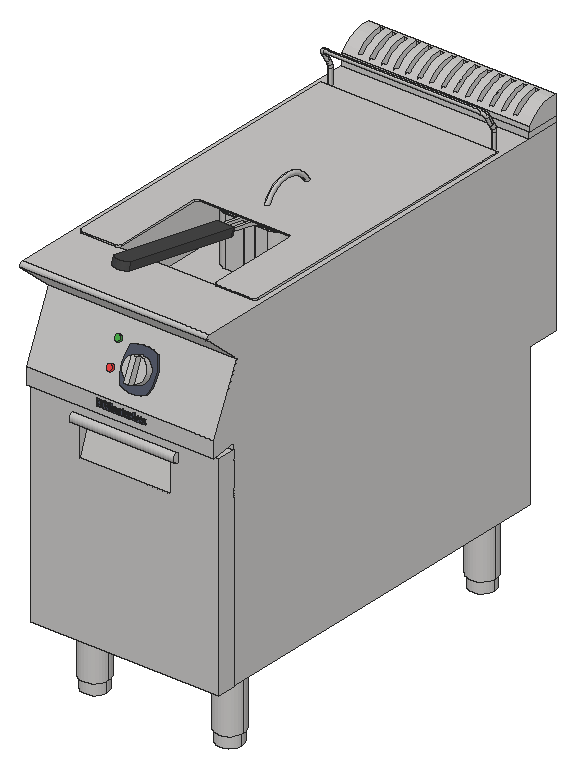
Revit family "QF_ELECTROLUXPROFESSIONAL_391087_E9FRED1GF0", category Specialty Equipment, Revit 2018
Family settings
  Round Connector Dimension = Use Diameter
  Part Type = Normal
  Work Plane-Based = No
  Always vertical = Yes
  Cut with Voids When Loaded = No
  Shared = No
  Room Calculation Point = No
Parameters
  Width = 400 mm  # constant formula
  Weight in Pounds = 50  # constant formula
  Watts = 10000 VA  # 10000 W
  Volts = 400 V  # constant formula
  URL Cutsheet = "www.electrolux.com/foodservice"
  URL = "www.electrolux.com/foodservice"
  Type Mark [instance] = ""
  Status [instance] = ""
  Specification by User [instance] = ""
  Specification by Manufacturer = ""
  Show Logo [instance] = yes
  Show Clearance [instance] = yes
  Serial Number = ""
  Seismic Rating = ""
  SMACNA No = ""
  Revision Code [instance] = ""
  Phase = 3
  Omniclass Number and Title = ""
  Number of Poles [instance] = 1
  NAFEM Spec ID Number = ""
  Model = "391087"
  Min Ckt Ampacity = 0 A
  Max Overcurrent Protection = 0 A
  Masterspec = ""
  Manufacturer = "ELECTROLUX"
  Item Number [instance] = ""
  Installed By [instance] = ""
  Identify Quantity as Lot [instance] = yes
  Height = 851 mm  # constant formula
  HP = "13.4 HP"
  Furnished By [instance] = ""
  Foodservice Equipment Identifier [instance] = yes
  FL Amps = if(Phase = 3, Watts / (Volts * 1.73), Watts / Volts)  # 14.4509 A
  Electrical Remarks [instance] = "400 V/3N ph/50/60 Hz"  # constant formula
  Electric Connection Type [instance] = ""
  Elec Conn RI Height [instance] = 0 mm
  Elec Conn Connection Height [instance] = 0 mm
  Direct Waste Size = 0"
  Description = "900XP ONE 15 LT WELL ELECTRIC FRYER -400 V"
  Depth = 930 mm  # constant formula
  Cycle [instance] = if([60 Hertz Option], 60 Hz, 50 Hz)  # 60 Hz
  Conn Plug = ""
  Conn Conduit = yes
  CSI MasterFormat = ""
  CSI Master Format = ""
  Base Height [instance] = 150 mm  # constant formula
  Apparent Power = if(Phase = 3, Volts * FL Amps * 1.73, Volts * FL Amps)  # 10000 VA
  60 Hertz Option [instance] = not([50 Hertz Option])  # yes
  50 Hertz Option [instance] = no
Reference planes
  plane 1 "BACK": y = 0
  plane 2: z = 0
  plane 3 "LEFT": x = 0
  plane 4 "RIGHT": x = 400
  plane 5 "FRONT": y = -930
  plane 6 "TOP": z = 906
  plane 7 "Center Y": x = 200
  plane 8 "Center X": y = -465
  plane 9 "BASE": z = 601.763
  plane 10 "TOP A": z = 851
  plane 11: z = 150
  plane 12: y = -126
  plane 13: y = -800
  plane 14: y = -1273
  plane 15: x = 344
  plane 16: x = 56
  plane 17: x = 344
  plane 18: y = -650
  plane 19: z = 921
  plane 20: z = 931
  plane 21: y = -1273
  plane 22: x = 355
  plane 23: y = -1450
Forms (mm)
  Extrusion 1, solid, material "QF_Finishes_Stainless Steel"
    sketch origin (0, 0, 0) x (0, 1, 0) y (0, 0, 1)
      loop
        line (0, 851) -> (-923.65, 851)
        arc (-923.65, 851) -> (-929.517, 847.08) -> (-928.14, 840.16) r 6.35
        line (-928.14, 840.16) -> (-852.034, 773.495) -> (-912.145, 642.892) -> (-912.145, 608.853) -> (-858.773, 614.463) -> (-858.773, 150) -> (-70, 150) -> (-70, 451.763) -> (0, 451.763) -> (0, 851)
      loop
        line (-900, 601.763) -> (-900, 150) -> (-860.361, 150) -> (-860.361, 601.763) -> (-900, 601.763)
    from 0 to 400
  Extrusion 2, void
    sketch origin (0, 0, 851) x (-1, 0, 0) y (0, -1, 0)
      loop
        line (-33.338, 141.304) -> (-33.338, 787.143) -> (-366.662, 787.143) -> (-366.662, 141.304) -> (-33.338, 141.304)
    from 0 to -152.4
  Extrusion 3, solid, material "QF_Finishes_Stainless Steel"
    sketch origin (0, 0, 851) x (-1, 0, 0) y (0, -1, 0)
      loop
        arc (-11.548, 780.793) -> (-13.408, 785.283) -> (-17.898, 787.143) r 6.35
        line (-17.898, 787.143) -> (-90.863, 787.143)
        arc (-90.863, 787.143) -> (-95.353, 785.283) -> (-97.213, 780.793) r 6.35
        line (-97.213, 780.793) -> (-97.213, 586.546)
        arc (-97.213, 586.546) -> (-99.072, 582.055) -> (-103.563, 580.196) r 6.35
        line (-103.563, 580.196) -> (-293.937, 580.196)
        arc (-293.937, 580.196) -> (-298.428, 582.055) -> (-300.287, 586.546) r 6.35
        line (-300.287, 586.546) -> (-300.287, 780.818)
        arc (-300.287, 780.818) -> (-302.14, 785.291) -> (-306.612, 787.143) r 6.325
        line (-306.612, 787.143) -> (-382.102, 787.143)
        arc (-382.102, 787.143) -> (-386.592, 785.283) -> (-388.452, 780.793) r 6.35
        line (-388.452, 780.793) -> (-388.452, 141.304) -> (-11.548, 141.304) -> (-11.548, 780.793)
    from 0 to 2.574
  Sweep 4, solid, material "QF_Finishes_Stainless Steel"
    path origin (200, 10.469, 0) x (0, 1, 0) y (0, 0, 1)
      loop
        arc (-423.261, 851) -> (-477.7, 884.779) -> (-532.139, 851) r 60.757
    profile origin (200, -467.231, 884.779) x (0, 0, -1) y (1, 0, 0)
      loop
        circle (0, 0) r 4.353
  Extrusion 5, solid, material "QF_Clearances", visible <- "Show Clearance", detail levels coarse
    sketch origin (0, 0, 0) x (1, 0, 0) y (0, 1, 0)
      loop
        line (0, -930) -> (0, 0) -> (400, 0) -> (400, -930) -> (550.019, -930) -> (550.019, 150.019) -> (-150.019, 150.019) -> (-150.019, -930) -> (0, -930)
    from 0 to 906
  Revolve 6, solid, material "QF_Finishes_Stainless Steel"
    sketch origin (0, -126, 608.09) x (0, 0, 1) y (-1, 0, 0)
      loop
        line (-608.09, -56) -> (-458.09, -56) -> (-458.09, -26) -> (-583.09, -26) -> (-583.09, -29.75) -> (-608.09, -29.75) -> (-608.09, -56)
      axis (-608.09, -56) -> (-458.09, -56)
    angle from 0 to 360
  Revolve 7, solid, material "QF_Finishes_Stainless Steel"
    sketch origin (400.05, -126, 608.09) x (0, 0, 1) y (-1, 0, 0)
      loop
        line (-608.09, 56.05) -> (-608.09, 29.8) -> (-583.09, 29.8) -> (-583.09, 26.05) -> (-458.09, 26.05) -> (-458.09, 56.05) -> (-608.09, 56.05)
      axis (-608.09, 56.05) -> (-458.09, 56.05)
    angle from 0 to 360
  Extrusion 8, solid, material "QF_Door-Drawer Clearances", visible <- "Show Clearance", detail levels coarse
    sketch origin (0, 0, 851) x (-1, 0, 0) y (0, -1, 0)
      loop
        line (-400, 1273) -> (-400, 900) -> (-0.912, 900)
        arc (-0.912, 900) -> (-126.87, 1165.233) -> (-400, 1273) r 400
    from -701 to -249.237
  Revolve 9, solid, material "QF_Finishes_Stainless Steel"
    sketch origin (400.05, -800, 608.09) x (0, 0, 1) y (-1, 0, 0)
      loop
        line (-608.09, 56.05) -> (-608.09, 29.8) -> (-583.09, 29.8) -> (-583.09, 26.05) -> (-458.09, 26.05) -> (-458.09, 56.05) -> (-608.09, 56.05)
      axis (-608.09, 56.05) -> (-458.09, 56.05)
    angle from 0 to 360
  Extrusion 10, solid, material "QF_Finishes_Stainless Steel"
    sketch origin (200, 0, 0) x (0, 1, 0) y (0, 0, 1)
      loop
        line (-71.89, 863.9) -> (-71.89, 851) -> (0, 851) -> (0, 863.9) -> (-71.89, 863.9)
    from -200 to 200
  Extrusion 11, void
    sketch origin (200, -12.863, 0) x (0, 1, 0) y (0, 0, 1)
      loop
        line (-887.138, 564.263) -> (-887.138, 500.55) -> (-863.948, 564.263) -> (-887.138, 564.263)
    from -96.424 to 99.144
  Extrusion 12, solid, material "QF_Finishes_Stainless Steel"
    sketch origin (200, -12.863, 22.5) x (0, 1, 0) y (0, 0, 1)
      loop
        line (-887.137, 541.763) -> (-887.137, 561.763)
        arc (-887.137, 561.763) -> (-897.137, 551.763) -> (-887.137, 541.763) r 10
    from -110.529 to 112.106
  Revolve 13, solid, material "QF_Finishes_Stainless Steel"
    sketch origin (0, -800, 608.09) x (0, 0, 1) y (1, 0, 0)
      loop
        line (-608.09, 56) -> (-608.09, 29.75) -> (-583.09, 29.75) -> (-583.09, 26) -> (-458.09, 26) -> (-458.09, 56) -> (-608.09, 56)
      axis (-608.09, 56) -> (-458.09, 56)
    angle from 0 to 360
  Extrusion 14, solid, material "QF_Finishes_Stainless Steel"
    sketch origin (265.958, 43.7, 107.43) x (0, 0.984808, 0.173648) y (0, -0.173648, 0.984808)
      loop
        line (-488.428, 731.809) -> (-470.501, 833.477) -> (-534.414, 858.39) -> (-536.72, 852.474) -> (-477.659, 829.452) -> (-494.681, 732.912) -> (-488.428, 731.809)
    from -80.476 to -74.619
  Extrusion 15, solid, material "QF_Finishes_Mesh"
    sketch origin (74.995, -64.779, 844.25) x (-1, 0, 0) y (0, -1, 0)
      loop
        arc (-76.6, 120.481) -> (-58.64, 127.92) -> (-51.2, 145.881) r 25.4
        line (-51.2, 145.881) -> (-51.2, 481.11)
        arc (-51.2, 481.11) -> (-58.64, 499.071) -> (-76.6, 506.51) r 25.4
        line (-76.6, 506.51) -> (-166.875, 506.51)
        arc (-166.875, 506.51) -> (-184.836, 499.071) -> (-192.275, 481.11) r 25.4
        line (-192.275, 481.11) -> (-192.275, 145.881)
        arc (-192.275, 145.881) -> (-184.836, 127.92) -> (-166.875, 120.481) r 25.4
        line (-166.875, 120.481) -> (-76.6, 120.481)
      loop
        arc (-76.6, 123.656) -> (-60.885, 130.165) -> (-54.375, 145.881) r 22.225
        line (-54.375, 145.881) -> (-54.375, 481.11)
        arc (-54.375, 481.11) -> (-60.885, 496.826) -> (-76.6, 503.335) r 22.225
        line (-76.6, 503.335) -> (-166.875, 503.335)
        arc (-166.875, 503.335) -> (-182.591, 496.826) -> (-189.1, 481.11) r 22.225
        line (-189.1, 481.11) -> (-189.1, 145.881)
        arc (-189.1, 145.881) -> (-182.591, 130.165) -> (-166.875, 123.656) r 22.225
        line (-166.875, 123.656) -> (-76.6, 123.656)
    from -109 to -5.315
  Extrusion 16, solid, material "QF_Finishes_Black"
    sketch origin (134.033, -843.725, 906.181) x (0, 0.980628, -0.195878) y (-1, 0, 0)
      loop
        arc (-64.658, -47.345) -> (-74.885, -65.962) -> (-64.658, -84.58) r 22.059
        line (-64.658, -84.58) -> (213.514, -84.58)
        arc (213.514, -84.58) -> (215.988, -83.554) -> (217.014, -81.08) r 3.5
        line (217.014, -81.08) -> (217.014, -50.854)
        arc (217.014, -50.854) -> (215.986, -48.372) -> (213.505, -47.345) r 3.509
        line (213.505, -47.345) -> (-64.658, -47.345)
    from -15.884 to 0
  Extrusion 17, solid, material "QF_Finishes_Stainless Steel"
    sketch origin (0, 0, 574.263) x (0, 1, 0) y (0, 0, 1)
      loop
        line (0, 289.638) -> (0, 331.738)
        arc (0, 331.738) -> (-38.857, 324.552) -> (-69.85, 300.038) r 82.056
        line (-69.85, 300.038) -> (-69.85, 289.638) -> (0, 289.638)
    from 0 to 400
  Extrusion 18, void
    sketch origin (0, 0, 848.9) x (0, -1, 0) y (1, 0, 0)
      loop
        line (6.761, 29.703) -> (63.911, 29.703) -> (63.911, 38.999) -> (6.761, 38.999) -> (6.761, 29.703)
      loop
        line (63.911, 64.487) -> (6.761, 64.487) -> (6.761, 55.191) -> (63.911, 55.191) -> (63.911, 64.487)
      loop
        line (63.911, 89.975) -> (6.761, 89.975) -> (6.761, 80.68) -> (63.911, 80.68) -> (63.911, 89.975)
      loop
        line (63.911, 115.464) -> (6.761, 115.464) -> (6.761, 106.168) -> (63.911, 106.168) -> (63.911, 115.464)
      loop
        line (63.911, 140.952) -> (6.761, 140.952) -> (6.761, 131.656) -> (63.911, 131.656) -> (63.911, 140.952)
      loop
        line (63.911, 166.44) -> (6.761, 166.44) -> (6.761, 157.145) -> (63.911, 157.145) -> (63.911, 166.44)
      loop
        line (63.911, 191.929) -> (6.761, 191.929) -> (6.761, 182.633) -> (63.911, 182.633) -> (63.911, 191.929)
      loop
        line (63.911, 217.417) -> (6.761, 217.417) -> (6.761, 208.121) -> (63.911, 208.121) -> (63.911, 217.417)
      loop
        line (63.911, 242.905) -> (6.761, 242.905) -> (6.761, 233.61) -> (63.911, 233.61) -> (63.911, 242.905)
      loop
        line (63.911, 268.394) -> (6.761, 268.394) -> (6.761, 259.098) -> (63.911, 259.098) -> (63.911, 268.394)
      loop
        line (63.911, 293.882) -> (6.761, 293.882) -> (6.761, 284.586) -> (63.911, 284.586) -> (63.911, 293.882)
      loop
        line (63.911, 319.37) -> (6.761, 319.37) -> (6.761, 310.075) -> (63.911, 310.075) -> (63.911, 319.37)
      loop
        line (63.911, 344.859) -> (6.761, 344.859) -> (6.761, 335.563) -> (63.911, 335.563) -> (63.911, 344.859)
      loop
        line (63.911, 370.347) -> (6.761, 370.347) -> (6.761, 361.051) -> (63.911, 361.051) -> (63.911, 370.347)
    from 25.4 to 63.5
  Sweep 19, solid, material "QF_Finishes_Stainless Steel"
    path origin (0, 0, 0) x (0, 1, 0) y (0, 0, 1)
      loop
        line (-133.218, 851) -> (-133.218, 884.76)
        arc (-133.218, 884.76) -> (-133.779, 889.022) -> (-135.424, 892.993) r 16.466
        line (-135.424, 892.993) -> (-140.718, 902.162)
    profile origin (0, -133.218, 867.88) x (0, -1, 0) y (1, 0, 0)
      loop
        circle (0.001, 25.269) r 3.999
      loop
        circle (0.001, 374.731) r 3.999
  Sweep 20, solid, material "QF_Finishes_Stainless Steel"
    path origin (0, -68.628, 777.297) x (-1, 0, 0) y (0, -0.5, 0.866025)
      loop
        line (-374.731, 144.182) -> (-374.731, 165.819)
        arc (-374.731, 165.819) -> (-372.68, 170.768) -> (-367.731, 172.819) r 7
        line (-367.731, 172.819) -> (-32.269, 172.819)
        arc (-32.269, 172.819) -> (-27.32, 170.768) -> (-25.269, 165.819) r 7
        line (-25.269, 165.819) -> (-25.269, 144.182)
    profile origin (374.731, -146.128, 911.531) x (1, 0, 0) y (0, 0.866025, 0.5)
      loop
        circle (0, 0) r 4
  Extrusion 21, solid, material "QF_Finishes_Navy Blue", visible <- "Show Logo"
    sketch origin (0, -912.145, 608.853) x (0, 0, 1) y (-1, 0, 0)
      loop
        line (27.359, -159.055) -> (14.993, -159.055)
        arc (14.993, -159.055) -> (21.176, -163.626) -> (27.359, -159.055) r 6.467
      loop
        arc (27.359, -158.426) -> (26.19, -153.283) -> (21.534, -150.805) r 6.338
        line (21.534, -150.805) -> (21.534, -152.851)
        arc (21.534, -152.851) -> (23.018, -156.506) -> (26.464, -158.426) r 5.941
        line (26.464, -158.426) -> (27.359, -158.426)
      loop
        arc (15.888, -158.426) -> (19.334, -156.506) -> (20.817, -152.851) r 5.941
        line (20.817, -152.851) -> (20.817, -150.805)
        arc (20.817, -150.805) -> (16.123, -153.279) -> (14.834, -158.426) r 6.504
        line (14.834, -158.426) -> (15.888, -158.426)
      loop
        line (28.034, -150.336) -> (14.29, -150.336) -> (14.29, -164.099) -> (28.034, -164.099) -> (28.034, -150.336)
      loop
        arc (28.118, -167.066) -> (27.77, -166.709) -> (27.403, -167.047) r 0.358
        arc (27.403, -167.047) -> (27.089, -167.797) -> (26.372, -168.182) r 1.216
        line (26.372, -168.182) -> (15.959, -168.182)
        arc (15.959, -168.182) -> (15.299, -167.904) -> (14.903, -167.308) r 1.238
        arc (14.903, -167.308) -> (14.509, -167.057) -> (14.203, -167.411) r 0.358
        line (14.203, -167.411) -> (14.203, -177.29) -> (16.954, -177.29) -> (16.954, -176.393)
        arc (16.954, -176.393) -> (16.045, -175.813) -> (15.589, -174.836) r 1.928
        line (15.589, -174.836) -> (15.589, -172.337)
        arc (15.589, -172.337) -> (15.865, -171.608) -> (16.553, -171.244) r 1.101
        line (16.553, -171.244) -> (20.64, -171.244) -> (20.64, -174.917)
        arc (20.64, -174.917) -> (20.287, -175.414) -> (19.722, -175.642) r 1.083
        arc (19.722, -175.642) -> (19.459, -175.948) -> (19.751, -176.226) r 0.292
        line (19.751, -176.226) -> (22.713, -176.226)
        arc (22.713, -176.226) -> (23.016, -175.953) -> (22.777, -175.623) r 0.305
        arc (22.777, -175.623) -> (22.286, -175.375) -> (21.981, -174.917) r 1.083
        line (21.981, -174.917) -> (21.981, -171.244) -> (26.659, -171.244) -> (26.659, -174.991)
        arc (26.659, -174.991) -> (26.444, -175.747) -> (25.838, -176.245) r 1.314
        arc (25.838, -176.245) -> (25.619, -176.649) -> (25.973, -176.941) r 0.361
        line (25.973, -176.941) -> (28.118, -176.941) -> (28.118, -167.066)
      loop
        arc (27.4, -177.722) -> (27.02, -178.641) -> (26.101, -179.021) r 1.299
        line (26.101, -179.021) -> (16.522, -179.021)
        arc (16.522, -179.021) -> (15.684, -178.643) -> (15.413, -177.765) r 1.118
        line (15.413, -177.765) -> (14.203, -177.765) -> (14.203, -183.115) -> (15.391, -183.115)
        arc (15.391, -183.115) -> (15.663, -182.198) -> (16.533, -181.802) r 1.153
        line (16.533, -181.802) -> (28.605, -181.802) -> (27.4, -177.722)
      loop
        line (19.168, -185.751) -> (19.168, -192.198) -> (19.967, -192.198)
        arc (19.967, -192.198) -> (22.547, -191.214) -> (23.816, -188.76) r 3.874
        line (23.816, -188.76) -> (23.816, -187)
        arc (23.816, -187) -> (22.629, -184.135) -> (19.765, -182.949) r 4.051
        line (19.765, -182.949) -> (17.757, -182.949)
        arc (17.757, -182.949) -> (14.938, -184.434) -> (13.887, -187.441) r 4.352
        arc (13.887, -187.441) -> (14.251, -189.904) -> (15.629, -191.978) r 5.713
        line (15.629, -191.978) -> (16.578, -191.978)
        arc (16.578, -191.978) -> (15.845, -190.409) -> (15.629, -188.691) r 5.579
        arc (15.629, -188.691) -> (16.422, -186.728) -> (18.301, -185.751) r 3.057
        line (18.301, -185.751) -> (19.168, -185.751)
      loop
        line (20.427, -185.751) -> (20.427, -189.333)
        arc (20.427, -189.333) -> (21.884, -189.38) -> (22.767, -188.221) r 1.59
        line (22.767, -188.221) -> (22.767, -187.391)
        arc (22.767, -187.391) -> (21.902, -186.136) -> (20.427, -185.751) r 2.184
      loop
        arc (23.218, -201.616) -> (23.707, -199.942) -> (23.864, -198.205) r 9.023
        line (23.864, -198.205) -> (23.864, -196.843)
        arc (23.864, -196.843) -> (22.705, -194.043) -> (19.905, -192.883) r 3.959
        line (19.905, -192.883) -> (17.305, -192.883)
        arc (17.305, -192.883) -> (15.023, -194.176) -> (13.906, -196.549) r 4.331
        line (13.906, -196.549) -> (13.906, -198.684)
        arc (13.906, -198.684) -> (14.414, -200.234) -> (15.336, -201.58) r 5.772
        arc (15.336, -201.58) -> (16.098, -201.631) -> (16.184, -200.872) r 0.553
        arc (16.184, -200.872) -> (15.796, -200.138) -> (15.662, -199.319) r 2.573
        line (15.662, -199.319) -> (15.662, -197.804)
        arc (15.662, -197.804) -> (16.668, -196.162) -> (18.483, -195.52) r 2.884
        line (18.483, -195.52) -> (19.762, -195.52)
        arc (19.762, -195.52) -> (21.583, -196.08) -> (22.509, -197.745) r 2.554
        line (22.509, -197.745) -> (22.509, -198.798)
        arc (22.509, -198.798) -> (22.178, -199.726) -> (21.521, -200.461) r 2.564
        arc (21.521, -200.461) -> (21.299, -201.178) -> (21.909, -201.616) r 0.643
        line (21.909, -201.616) -> (23.218, -201.616)
      loop
        line (22.2, -201.886) -> (22.2, -203.387) -> (16.152, -203.387)
        arc (16.152, -203.387) -> (14.564, -204.045) -> (13.906, -205.633) r 2.246
        line (13.906, -205.633) -> (13.906, -207.217)
        arc (13.906, -207.217) -> (14.22, -208.081) -> (14.72, -208.853) r 4.06
        arc (14.72, -208.853) -> (15.453, -208.986) -> (15.704, -208.285) r 0.576
        arc (15.704, -208.285) -> (15.598, -207.759) -> (15.662, -207.227) r 1.69
        arc (15.662, -207.227) -> (16.204, -206.439) -> (17.11, -206.136) r 1.506
        line (17.11, -206.136) -> (22.248, -206.136) -> (22.248, -208.533) -> (22.805, -209.089) -> (23.626, -209.089) -> (23.626, -206.23) -> (26.857, -206.23) -> (22.2, -201.886)
      loop
        line (14.124, -209.987) -> (14.124, -215.374) -> (15.234, -215.374)
        arc (15.234, -215.374) -> (15.627, -214.423) -> (16.578, -214.029) r 1.345
        line (16.578, -214.029) -> (20.195, -214.029)
        arc (20.195, -214.029) -> (20.959, -214.621) -> (21.249, -215.543) r 1.615
        line (21.249, -215.543) -> (21.249, -217.099) -> (23.805, -217.784) -> (23.805, -216.401) -> (21.862, -213.842) -> (23.742, -213.842) -> (23.458, -211.136)
        arc (23.458, -211.136) -> (23.018, -210.606) -> (22.359, -210.807) r 0.621
        arc (22.359, -210.807) -> (21.959, -211.149) -> (21.465, -211.332) r 1.501
        line (21.465, -211.332) -> (16.578, -211.332)
        arc (16.578, -211.332) -> (15.627, -210.938) -> (15.234, -209.987) r 1.345
        line (15.234, -209.987) -> (14.124, -209.987)
      loop
        line (20.225, -217.321) -> (17.533, -217.321)
        arc (17.533, -217.321) -> (15.088, -218.629) -> (13.954, -221.159) r 4.288
        arc (13.954, -221.159) -> (13.89, -222.54) -> (13.954, -223.92) r 15.022
        arc (13.954, -223.92) -> (15.088, -226.451) -> (17.533, -227.758) r 4.288
        line (17.533, -227.758) -> (20.225, -227.758)
        arc (20.225, -227.758) -> (22.671, -226.451) -> (23.805, -223.92) r 4.288
        arc (23.805, -223.92) -> (23.868, -222.54) -> (23.805, -221.159) r 15.022
        arc (23.805, -221.159) -> (22.671, -218.629) -> (20.225, -217.321) r 4.288
      loop
        line (20.43, -220.435) -> (17.328, -220.435)
        arc (17.328, -220.435) -> (15.171, -222.592) -> (17.328, -224.749) r 2.157
        line (17.328, -224.749) -> (20.43, -224.749)
        arc (20.43, -224.749) -> (22.587, -222.592) -> (20.43, -220.435) r 2.157
      loop
        arc (27.411, -227.616) -> (27.041, -228.51) -> (26.147, -228.881) r 1.264
        line (26.147, -228.881) -> (16.282, -228.881)
        arc (16.282, -228.881) -> (15.412, -228.484) -> (15.141, -227.568) r 1.153
        line (15.141, -227.568) -> (14.203, -227.568) -> (14.203, -232.676) -> (15.131, -232.676)
        arc (15.131, -232.676) -> (15.49, -231.904) -> (16.282, -231.589) r 1.153
        line (16.282, -231.589) -> (28.605, -231.589) -> (27.411, -227.616)
      loop
        arc (22.531, -232.213) -> (22.332, -233.278) -> (21.363, -233.76) r 1.215
        line (21.363, -233.76) -> (16.343, -233.76)
        arc (16.343, -233.76) -> (14.728, -234.407) -> (14.008, -235.99) r 2.338
        line (14.008, -235.99) -> (14.008, -237.505)
        arc (14.008, -237.505) -> (14.182, -238.509) -> (14.684, -239.395) r 2.979
        line (14.684, -239.395) -> (14.203, -241.192) -> (14.203, -242.88) -> (23.629, -242.88) -> (23.335, -238.677) -> (22.548, -238.677)
        arc (22.548, -238.677) -> (22.192, -239.513) -> (21.44, -240.022) r 1.605
        line (21.44, -240.022) -> (16.337, -240.022)
        arc (16.337, -240.022) -> (15.917, -239.085) -> (15.844, -238.061) r 2.94
        arc (15.844, -238.061) -> (16.405, -236.96) -> (17.558, -236.517) r 1.724
        line (17.558, -236.517) -> (23.755, -236.517) -> (22.531, -232.213)
      loop
        line (23.559, -243.734) -> (21.887, -245.78) -> (18.713, -248.086) -> (15.257, -244.974)
        arc (15.257, -244.974) -> (15.02, -244.58) -> (15.042, -244.121) r 0.789
        line (15.042, -244.121) -> (14.203, -244.121) -> (14.203, -247.666) -> (15.029, -247.666)
        arc (15.029, -247.666) -> (15.372, -247.304) -> (15.862, -247.396) r 0.52
        line (15.862, -247.396) -> (17.661, -248.867) -> (15.543, -250.242)
        arc (15.543, -250.242) -> (15.142, -249.932) -> (15.055, -249.433) r 0.7
        line (15.055, -249.433) -> (14.203, -249.433) -> (14.203, -255.36) -> (15.09, -255.36)
        arc (15.09, -255.36) -> (15.157, -254.701) -> (15.552, -254.17) r 1.247
        line (15.552, -254.17) -> (19.751, -250.889) -> (22.198, -252.942) -> (23.559, -254.684) -> (23.559, -250.96) -> (22.074, -251.383) -> (20.553, -250.106) -> (22.253, -248.916) -> (23.559, -249.692) -> (23.559, -243.734)
    from 0 to 1.644
  Extrusion 22, solid, material "QF_Finishes_Stainless Steel"
    sketch origin (0, 65, 150) x (-1, 0, 0) y (0, 1, 0)
      loop
        circle (-355, -715) r 6.35
    from -42.288 to -11.979
  Extrusion 23, solid, material "QF_Finishes_Stainless Steel"
    sketch origin (134.083, 108.7, 107.43) x (0, 0.984808, 0.173648) y (0, 0.173648, -0.984808)
      loop
        line (-534.513, -844.764) -> (-552.44, -743.096) -> (-558.694, -744.199) -> (-541.671, -840.739) -> (-600.732, -863.761) -> (-598.426, -869.678) -> (-534.513, -844.764)
    from -80.476 to -74.619
  Extrusion 24, solid, material "QF_Finishes_Navy Blue"
    sketch origin (-142.044, -912.421, 642.292) x (0, 0.418102, 0.9084) y (-1, 0, 0)
      loop
        arc (102.26, -332.62) -> (66.843, -325.139) -> (31.333, -332.16) r 90.355
        arc (31.333, -332.16) -> (24.504, -361.269) -> (31.333, -390.378) r 65.456
        arc (31.333, -390.378) -> (66.877, -399.452) -> (102.26, -389.765) r 71.728
        arc (102.26, -389.765) -> (108.852, -361.193) -> (102.26, -332.62) r 65.22
    from 0 to 3.175
  Extrusion 25, solid, material "QF_Finishes_Stainless Steel"
    sketch origin (59.206, -916.135, 641.818) x (0, 0.418102, 0.9084) y (-1, 0, 0)
      loop
        circle (68.826, -160.963) r 25.4
    from 0 to 12.7
  Extrusion 26, solid, material "QF_Finishes_Stainless Steel"
    sketch origin (59.206, -927.672, 647.128) x (0, 0.418102, 0.9084) y (-1, 0, 0)
      loop
        arc (93.558, -166.749) -> (94.226, -160.963) -> (93.558, -155.177) r 25.4
        line (93.558, -155.177) -> (44.094, -155.177)
        arc (44.094, -155.177) -> (43.426, -160.963) -> (44.094, -166.749) r 25.4
        line (44.094, -166.749) -> (93.558, -166.749)
    from 0 to 12.7
  Extrusion 27, solid, material "QF_Finishes_Green"
    sketch origin (-128.302, -908.477, 650.862) x (0, 0.418102, 0.9084) y (-1, 0, 0)
      loop
        circle (94.749, -290.848) r 6.35
    from 0 to 3.175
  Extrusion 28, solid, material "QF_Finishes_Red"
    sketch origin (-128.302, -930.381, 603.273) x (0, 0.418102, 0.9084) y (-1, 0, 0)
      loop
        circle (95.112, -290.848) r 6.35
    from 0 to 3.175
  Extrusion 29, solid, material "QF_Clearances", visible <- "Show Clearance", detail levels coarse
    sketch origin (0, 0, 851) x (-1, 0, 0) y (0, -1, 0)
      loop
        line (-80, 900) -> (-80, 1450) -> (-320, 1450) -> (-320, 900) -> (-80, 900)
    from -701 to -249.238
Cuts and joins
  Extrusion 2, Extrusion 11 cuts Extrusion 1
  joined: Extrusion 3, Sweep 4, Extrusion 10
  Extrusion 18 cuts Extrusion 17
Lines and regions (mm)
  symbolic lines, style "QF_Clearances", visible <- "Show Clearance", detail levels coarse
    curve 1: line (-150.019, 150.019, 851) -> (-150.019, -930, 851)
    curve 2: line (550.019, 150.019, 851) -> (-150.019, 150.019, 851)
    curve 3: line (550.019, -930, 851) -> (550.019, 150.019, 851)
    curve 114: line (80, -1450, 851) -> (80, -930, 851)
    curve 115: line (80, -1450, 851) -> (320, -1450, 851)
    curve 116: line (320, -1450, 851) -> (320, -930, 851)
  symbolic lines
    curve 4: line (0, -930, 851) -> (0, 0, 851)
    curve 5: line (400, 0, 851) -> (400, -930, 851)
    curve 6: line (11.548, -141.304, 851) -> (11.548, -780.849, 851)
    curve 7: arc (11.548, -780.849, 851) -> (13.428, -785.386, 851) -> (17.965, -787.265, 851) r 6.416
    curve 8: line (17.965, -787.265, 851) -> (181.378, -787.265, 851)
    curve 9: arc (90.94, -787.265, 851) -> (95.375, -785.428, 851) -> (97.213, -780.993, 851) r 6.272
    curve 10: line (97.213, -780.993, 851) -> (97.213, -586.546, 851)
    curve 11: arc (97.213, -586.546, 851) -> (99.072, -582.055, 851) -> (103.563, -580.196, 851) r 6.35
    curve 12: line (103.563, -580.196, 851) -> (293.937, -580.196, 851)
    curve 13: arc (293.937, -580.196, 851) -> (298.428, -582.055, 851) -> (300.287, -586.546, 851) r 6.35
    curve 14: line (300.287, -586.546, 851) -> (300.287, -780.818, 851)
    curve 15: arc (300.287, -780.818, 851) -> (302.14, -785.291, 851) -> (306.613, -787.143, 851) r 6.325
    curve 16: arc (382.234, -787.143, 851) -> (386.63, -785.322, 851) -> (388.452, -780.925, 851) r 6.218
    curve 17: line (388.452, -780.925, 851) -> (388.452, -141.304, 851)
    curve 18: line (195.545, -520.62, 851) -> (195.545, -413.844, 851)
    curve 19: line (204.443, -413.844, 851) -> (204.443, -520.62, 851)
    curve 20: arc (195.545, -520.62, 851) -> (199.994, -525.069, 851) -> (204.443, -520.62, 851) r 4.449
    curve 21: arc (195.545, -413.844, 851) -> (199.994, -409.395, 851) -> (204.443, -413.844, 851) r 4.449
    curve 22: line (400, -930, 851) -> (0, -930, 851)
    curve 25: line (31.918, -151.038, 851) -> (368.082, -151.038, 851)
    curve 26: line (368.557, -159.052, 851) -> (31.443, -159.052, 851)
    curve 27: line (0, -71.89, 851) -> (400, -71.89, 851)
    curve 28: line (388.452, -141.304, 851) -> (378.73, -141.304, 851)
    curve 29: line (0, 0, 851) -> (400, 0, 851)
    curve 30: line (218.613, -910.241, 851) -> (218.613, -633.193, 851)
    curve 31: line (181.378, -633.202, 851) -> (181.378, -910.241, 851)
    curve 32: line (215.113, -629.813, 851) -> (184.887, -629.813, 851)
    curve 33: line (191.314, -580.196, 851) -> (191.314, -629.813, 851)
    curve 34: line (185.457, -629.813, 851) -> (185.457, -580.196, 851)
    curve 35: line (208.677, -629.813, 851) -> (208.677, -580.196, 851)
    curve 36: spline (184.887, -629.813, 851) -> (184.429, -629.842, 851) -> (183.979, -629.928, 851) -> (183.544, -630.071, 851) -> (183.133, -630.267, 851) -> (182.751, -630.513, 851) -> (182.406, -630.805, 851) -> (182.103, -631.139, 851) -> (181.848, -631.507, 851) -> (181.645, -631.905, 851) -> (181.498, -632.325, 851) -> (181.408, -632.76, 851) -> (181.378, -633.202, 851)
    curve 37: spline (218.613, -633.193, 851) -> (218.583, -632.752, 851) -> (218.494, -632.318, 851) -> (218.346, -631.9, 851) -> (218.144, -631.503, 851) -> (217.89, -631.135, 851) -> (217.588, -630.803, 851) -> (217.244, -630.511, 851) -> (216.863, -630.266, 851) -> (216.452, -630.07, 851) -> (216.019, -629.928, 851) -> (215.57, -629.842, 851) -> (215.113, -629.813, 851)
    curve 38: line (29.703, -6.761, 851) -> (38.999, -6.761, 851)
    curve 39: line (29.703, -63.911, 851) -> (29.703, -6.761, 851)
    curve 40: line (38.999, -63.911, 851) -> (29.703, -63.911, 851)
    curve 41: line (38.999, -6.761, 851) -> (38.999, -63.911, 851)
    curve 42: line (55.191, -6.761, 851) -> (64.487, -6.761, 851)
    curve 43: line (55.191, -63.911, 851) -> (55.191, -6.761, 851)
    curve 44: line (64.487, -63.911, 851) -> (55.191, -63.911, 851)
    curve 45: line (64.487, -6.761, 851) -> (64.487, -63.911, 851)
    curve 46: line (80.68, -6.761, 851) -> (89.975, -6.761, 851)
    curve 47: line (80.68, -63.911, 851) -> (80.68, -6.761, 851)
    curve 48: line (89.975, -63.911, 851) -> (80.68, -63.911, 851)
    curve 49: line (89.975, -6.761, 851) -> (89.975, -63.911, 851)
    curve 50: line (106.168, -6.761, 851) -> (115.464, -6.761, 851)
    curve 51: line (106.168, -63.911, 851) -> (106.168, -6.761, 851)
    curve 52: line (115.464, -63.911, 851) -> (106.168, -63.911, 851)
    curve 53: line (115.464, -6.761, 851) -> (115.464, -63.911, 851)
    curve 54: line (131.656, -6.761, 851) -> (140.952, -6.761, 851)
    curve 55: line (131.656, -63.911, 851) -> (131.656, -6.761, 851)
    curve 56: line (140.952, -63.911, 851) -> (131.656, -63.911, 851)
    curve 57: line (140.952, -6.761, 851) -> (140.952, -63.911, 851)
    curve 58: line (157.145, -6.761, 851) -> (166.44, -6.761, 851)
    curve 59: line (157.145, -63.911, 851) -> (157.145, -6.761, 851)
    curve 60: line (166.44, -63.911, 851) -> (157.145, -63.911, 851)
    curve 61: line (166.44, -6.761, 851) -> (166.44, -63.911, 851)
    curve 62: line (182.633, -6.761, 851) -> (191.929, -6.761, 851)
    curve 63: line (182.633, -63.911, 851) -> (182.633, -6.761, 851)
    curve 64: line (191.929, -63.911, 851) -> (182.633, -63.911, 851)
    curve 65: line (191.929, -6.761, 851) -> (191.929, -63.911, 851)
    curve 66: line (208.121, -6.761, 851) -> (217.417, -6.761, 851)
    curve 67: line (208.121, -63.911, 851) -> (208.121, -6.761, 851)
    curve 68: line (217.417, -63.911, 851) -> (208.121, -63.911, 851)
    curve 69: line (217.417, -6.761, 851) -> (217.417, -63.911, 851)
    curve 70: line (233.61, -6.761, 851) -> (242.905, -6.761, 851)
    curve 71: line (233.61, -63.911, 851) -> (233.61, -6.761, 851)
    curve 72: line (242.905, -63.911, 851) -> (233.61, -63.911, 851)
    curve 73: line (242.905, -6.761, 851) -> (242.905, -63.911, 851)
    curve 74: line (259.098, -6.761, 851) -> (268.394, -6.761, 851)
    curve 75: line (259.098, -63.911, 851) -> (259.098, -6.761, 851)
    curve 76: line (268.394, -63.911, 851) -> (259.098, -63.911, 851)
    curve 77: line (268.394, -6.761, 851) -> (268.394, -63.911, 851)
    curve 78: line (284.586, -6.761, 851) -> (293.882, -6.761, 851)
    curve 79: line (284.586, -63.911, 851) -> (284.586, -6.761, 851)
    curve 80: line (293.882, -63.911, 851) -> (284.586, -63.911, 851)
    curve 81: line (293.882, -6.761, 851) -> (293.882, -63.911, 851)
    curve 82: line (310.075, -6.761, 851) -> (319.37, -6.761, 851)
    curve 83: line (310.075, -63.911, 851) -> (310.075, -6.761, 851)
    curve 84: line (319.37, -63.911, 851) -> (310.075, -63.911, 851)
    curve 85: line (319.37, -6.761, 851) -> (319.37, -63.911, 851)
    curve 86: line (335.563, -6.761, 851) -> (344.859, -6.761, 851)
    curve 87: line (335.563, -63.911, 851) -> (335.563, -6.761, 851)
    curve 88: line (344.859, -63.911, 851) -> (335.563, -63.911, 851)
    curve 89: line (344.859, -6.761, 851) -> (344.859, -63.911, 851)
    curve 90: line (361.051, -6.761, 851) -> (370.347, -6.761, 851)
    curve 91: line (361.051, -63.911, 851) -> (361.051, -6.761, 851)
    curve 92: line (370.347, -63.911, 851) -> (361.051, -63.911, 851)
    curve 93: line (370.347, -6.761, 851) -> (370.347, -63.911, 851)
    curve 94: arc (25.269, -129.22, 851) -> (28.097, -130.391, 851) -> (29.268, -133.219, 851) r 3.999
    curve 95: arc (21.27, -133.219, 851) -> (22.442, -130.391, 851) -> (25.269, -129.22, 851) r 3.999
    curve 96: line (21.27, -133.219, 851) -> (21.27, -151.339, 851)
    curve 97: line (29.268, -133.219, 851) -> (29.268, -150.539, 851)
    curve 98: arc (31.443, -159.052, 851) -> (28.224, -158.628, 851) -> (25.225, -157.386, 851) r 12.435
    curve 99: arc (21.27, -151.339, 851) -> (22.347, -154.952, 851) -> (25.225, -157.386, 851) r 6.6
    curve 100: arc (29.268, -150.539, 851) -> (30.57, -150.912, 851) -> (31.918, -151.038, 851) r 7.291
    curve 101: arc (374.731, -129.22, 851) -> (371.903, -130.391, 851) -> (370.732, -133.219, 851) r 3.999
    curve 102: arc (378.73, -133.219, 851) -> (377.558, -130.391, 851) -> (374.731, -129.22, 851) r 3.999
    curve 103: line (378.73, -133.219, 851) -> (378.73, -151.339, 851)
    curve 104: line (370.732, -133.219, 851) -> (370.732, -150.539, 851)
    curve 105: arc (368.557, -159.052, 851) -> (371.776, -158.628, 851) -> (374.775, -157.386, 851) r 12.435
    curve 106: arc (378.73, -151.339, 851) -> (377.653, -154.952, 851) -> (374.775, -157.386, 851) r 6.6
    curve 107: arc (370.732, -150.539, 851) -> (369.43, -150.912, 851) -> (368.082, -151.038, 851) r 7.291
    curve 108: line (214.534, -580.196, 851) -> (214.534, -629.813, 851)
    curve 109: line (218.613, -787.265, 851) -> (382.234, -787.265, 851)
    curve 110: line (21.27, -141.304, 851) -> (11.548, -141.304, 851)
    curve 111: line (370.732, -141.304, 851) -> (29.268, -141.304, 851)
    curve 112: arc (181.378, -910.241, 851) -> (199.995, -920.325, 851) -> (218.613, -910.241, 851) r 22.229
    curve 113: arc (181.378, -907.13, 851) -> (199.995, -917.245, 851) -> (218.613, -907.13, 851) r 22.191
  symbolic lines, style "QF_Door-Drawer Clearances"
    curve 23: arc (4.082, -930, 851) -> (24.062, -1009.639, 851) -> (59.881, -1083.521, 851) r 400
    curve 24: line (59.881, -1083.521, 851) -> (325.76, -930, 851)
Dimensions and locks
  equal spacing: plane 3 "LEFT", plane 7 "Center Y", plane 4 "RIGHT"
  "Width": plane 3 "LEFT" to plane 4 "RIGHT"
  equal spacing: plane 5 "FRONT", plane 8 "Center X", plane 1 "BACK"
  "Depth": plane 5 "FRONT" to plane 1 "BACK"
  plane 1 "BACK" to plane 5 "FRONT" = 930 mm
  locked: plane 10 "TOP A" to plane 9 "BASE" at 249.238
  locked: plane 6 "TOP" to plane 10 "TOP A" at 55
  "Base Height": plane 11 to level
  plane 1 "BACK" to plane 12 = 126 mm
  plane 12 to plane 13 to cut or joined group of Extrusion 1, Extrusion 2, Extrusion 11 = 674 mm, 100 mm
  locked: plane 14 to plane 5 "FRONT" at 343
  plane 4 "RIGHT" to plane 15 = 56 mm
  plane 17 to plane 16 = 288 mm
  plane 16 to plane 3 "LEFT" = 56 mm
  plane 1 "BACK" to plane 18 = 650 mm
  plane 19 to plane 10 "TOP A" = 70 mm
  plane 10 "TOP A" to plane 20 = 80 mm
  plane 5 "FRONT" to plane 1 "BACK" = 930 mm
  plane 4 "RIGHT" to plane 3 "LEFT" = 400 mm
  plane 5 "FRONT" to plane 21 = 343 mm
  plane 1 "BACK" to curve 2 = 150.019 mm
  plane 4 "RIGHT" to curve 3 = 150.019 mm
  curve 1 to plane 3 "LEFT" = 150.019 mm
  Extrusion 22 sketch curve to plane 1 "BACK" = 650 mm
  Extrusion 22 sketch curve to plane 4 "RIGHT" = 45 mm
  "Height": plane 10 "TOP A" to level
  plane 10 "TOP A" to plane 11 = 701 mm
  plane 10 "TOP A" to plane 11 to level = 701 mm, 150 mm
  plane 22 to plane 4 "RIGHT" = 45 mm
  cut or joined group of Extrusion 1, Extrusion 2, Extrusion 11 to Extrusion 22 = 11.979 mm
  Extrusion 22 to plane 11 = 11.979 mm
  plane 5 "FRONT" to plane 23 = 520 mm
  Extrusion 22 to plane 1 "BACK" = 650 mm
  aligned and locked: level to plane 2
  aligned and locked: plane 4 "RIGHT" to Extrusion 1
  aligned and locked: plane 6 "TOP" to Extrusion 5
  aligned and locked: plane 13 to Revolve 9
  aligned and locked: plane 12 to Revolve 6
  aligned and locked: plane 12 to Revolve 7
  aligned and locked: plane 4 "RIGHT" to Extrusion 10
  aligned and locked: plane 14 to Extrusion 8 sketch curve
  aligned and locked: plane 13 to Revolve 13
  aligned and locked: Extrusion 14 to Extrusion 16
Automatic sketch dimensions
  Extrusion 1 sketch curve to plane 10 "TOP A" = 0 mm
  Extrusion 1 sketch curve to plane 9 "BASE" = 0 mm
  Extrusion 1 sketch curve to plane 11 = 0 mm  (x2)
  Extrusion 1 sketch curve to plane 1 "BACK" = 0 mm
  Extrusion 1 sketch curve to plane 12 = 56 mm
  plane 13 to Extrusion 1 sketch curve = 52.034 mm
  plane 13 to Extrusion 1 sketch curve = 58.773 mm
  Extrusion 1 sketch curve to Extrusion 1 sketch curve = 1.588 mm
  Extrusion 1 sketch curve to plane 5 "FRONT" = 30 mm
  plane 9 "BASE" to Extrusion 1 sketch curve = 7.09 mm
  Extrusion 1 sketch curve to Extrusion 1 sketch curve = 12.145 mm
  Extrusion 1 sketch curve to plane 5 "FRONT" = 6.35 mm
  Extrusion 1 sketch curve to plane 5 "FRONT" = 1.86 mm
  Extrusion 1 sketch curve to plane 9 "BASE" = 150 mm
  plane 9 "BASE" to Extrusion 1 sketch curve = 12.7 mm
  Extrusion 1 sketch curve to Extrusion 1 sketch curve = 34.039 mm
  Extrusion 1 sketch curve to plane 10 "TOP A" = 77.505 mm
  Extrusion 1 sketch curve to plane 10 "TOP A" = 10.84 mm
  Extrusion 2 sketch curve to plane 22 = 11.663 mm
  Extrusion 2 sketch curve to plane 16 = 22.662 mm
  plane 12 to Extrusion 2 sketch curve = 15.304 mm
  Extrusion 2 sketch curve to plane 13 = 12.857 mm
  Extrusion 3 sketch curve to plane 4 "RIGHT" = 11.548 mm
  Extrusion 3 sketch curve to Extrusion 3 sketch curve = 6.35 mm  (x3)
  Extrusion 3 sketch curve to plane 13 = 12.857 mm
  Extrusion 3 sketch curve to plane 15 = 37.387 mm
  Extrusion 3 sketch curve to plane 15 = 43.712 mm
  plane 16 to Extrusion 3 sketch curve = 47.563 mm
  Extrusion 3 sketch curve to plane 13 = 19.207 mm
  plane 16 to Extrusion 3 sketch curve = 41.213 mm
  plane 3 "LEFT" to Extrusion 3 sketch curve = 17.898 mm
  plane 3 "LEFT" to Extrusion 3 sketch curve = 11.548 mm
  plane 12 to Extrusion 3 sketch curve = 15.304 mm
  Sweep 4 sketch curve to plane 10 "TOP A" = 0 mm  (x2)
  Sweep 4 sketch curve to plane 8 "Center X" = 2.231 mm
  Sweep 4 sketch curve to plane 10 "TOP A" = 26.978 mm
  Sweep 4 sketch curve to plane 7 "Center Y" = 0 mm
  Sweep 4 sketch curve to profile plane = 0 mm
  plane 5 "FRONT" to Extrusion 5 sketch curve = 0 mm  (x2)
  plane 1 "BACK" to Extrusion 5 sketch curve = 0 mm
  Extrusion 5 sketch curve to plane 3 "LEFT" = 0 mm
  Extrusion 5 sketch curve to plane 4 "RIGHT" = 0 mm
  Extrusion 5 sketch curve to plane 3 "LEFT" = 150.019 mm
  plane 4 "RIGHT" to Extrusion 5 sketch curve = 150.019 mm
  Extrusion 5 sketch curve to plane 1 "BACK" = 150.019 mm
  Revolve 6 sketch curve to level = 0 mm
  Revolve 6 sketch curve to plane 11 = 0 mm  (x2)
  Revolve 6 sketch curve to plane 16 = 0 mm  (x2)
  level to Revolve 6 sketch curve = 25 mm
  plane 11 to Revolve 6 sketch curve = 20 mm
  Revolve 6 sketch curve to plane 16 = 26.25 mm
  plane 3 "LEFT" to Revolve 6 sketch curve = 26 mm
  Revolve 7 sketch curve to level = 0 mm
  Revolve 7 sketch curve to plane 11 = 0 mm  (x2)
  Revolve 7 sketch curve to plane 15 = 0 mm  (x2)
  level to Revolve 7 sketch curve = 25 mm
  plane 11 to Revolve 7 sketch curve = 20 mm
  Revolve 7 sketch curve to plane 22 = 15.25 mm
  Revolve 7 sketch curve to plane 22 = 19 mm
  Extrusion 8 sketch curve to plane 4 "RIGHT" = 0 mm
  plane 3 "LEFT" to Extrusion 8 sketch curve = 0.912 mm
  Extrusion 8 sketch curve to plane 5 "FRONT" = 30 mm
  Revolve 9 sketch curve to level = 0 mm
  Revolve 9 sketch curve to plane 11 = 0 mm  (x2)
  Revolve 9 sketch curve to plane 15 = 0 mm  (x2)
  level to Revolve 9 sketch curve = 25 mm
  plane 11 to Revolve 9 sketch curve = 20 mm
  Revolve 9 sketch curve to plane 22 = 15.25 mm
  Revolve 9 sketch curve to plane 22 = 19 mm
  Extrusion 10 sketch curve to plane 10 "TOP A" = 0 mm
  Extrusion 10 sketch curve to plane 1 "BACK" = 0 mm
  plane 10 "TOP A" to Extrusion 10 sketch curve = 12.9 mm
  Extrusion 10 sketch curve to plane 12 = 54.11 mm
  Extrusion 11 sketch curve to plane 5 "FRONT" = 30 mm
  Extrusion 11 sketch curve to Extrusion 11 sketch curve = 23.189 mm
  Extrusion 11 sketch curve to plane 9 "BASE" = 101.212 mm
  Extrusion 11 sketch curve to plane 9 "BASE" = 37.5 mm
  Extrusion 12 sketch curve to plane 5 "FRONT" = 30 mm
  Extrusion 12 sketch curve to plane 9 "BASE" = 37.5 mm
  Extrusion 12 sketch curve to Extrusion 12 sketch curve = 10 mm
  Revolve 13 sketch curve to level = 0 mm
  Revolve 13 sketch curve to plane 11 = 0 mm  (x2)
  plane 16 to Revolve 13 sketch curve = 0 mm  (x2)
  level to Revolve 13 sketch curve = 25 mm
  plane 11 to Revolve 13 sketch curve = 20 mm
  Revolve 13 sketch curve to plane 16 = 26.25 mm
  plane 3 "LEFT" to Revolve 13 sketch curve = 26 mm
  plane 10 "TOP A" to Extrusion 14 sketch curve = 2.752 mm
  Extrusion 14 sketch curve to Extrusion 14 sketch curve = 2.306 mm
  Extrusion 14 sketch curve to Extrusion 14 sketch curve = 42.039 mm
  Extrusion 14 sketch curve to Extrusion 14 sketch curve = 6.254 mm
  Extrusion 14 sketch curve to Extrusion 14 sketch curve = 59.061 mm
  Extrusion 15 sketch curve to Extrusion 15 sketch curve = 0 mm  (x10)
  plane 7 "Center Y" to Extrusion 15 sketch curve = 67.271 mm
  Extrusion 15 sketch curve to Extrusion 15 sketch curve = 3.175 mm
  Extrusion 15 sketch curve to Extrusion 15 sketch curve = 22.225 mm  (x3)
  Extrusion 15 sketch curve to plane 7 "Center Y" = 48.404 mm  (x2)
  plane 12 to Extrusion 15 sketch curve = 84.66 mm
  Extrusion 16 sketch curve to plane 7 "Center Y" = 18.622 mm
  plane 7 "Center Y" to Extrusion 16 sketch curve = 18.613 mm
  Extrusion 16 sketch curve to Extrusion 16 sketch curve = 0 mm
  Extrusion 16 sketch curve to Extrusion 16 sketch curve = 11.832 mm
  Extrusion 16 sketch curve to plane 7 "Center Y" = 15.113 mm
  Extrusion 16 sketch curve to Extrusion 16 sketch curve = 266.33 mm
  Extrusion 16 sketch curve to Extrusion 16 sketch curve = 3.5 mm
  Extrusion 17 sketch curve to plane 1 "BACK" = 0 mm
  Extrusion 17 sketch curve to plane 6 "TOP" = 0 mm
  plane 1 "BACK" to Extrusion 17 sketch curve = 4.947 mm
  plane 10 "TOP A" to Extrusion 17 sketch curve = 23.3 mm
  plane 1 "BACK" to Extrusion 17 sketch curve = 69.85 mm
  plane 10 "TOP A" to Extrusion 17 sketch curve = 12.9 mm
  plane 1 "BACK" to Extrusion 18 sketch curve = 6.761 mm  (x14)
  plane 7 "Center Y" to Extrusion 18 sketch curve = 17.417 mm
  Extrusion 18 sketch curve to Extrusion 18 sketch curve = 57.15 mm
  Extrusion 18 sketch curve to plane 7 "Center Y" = 8.071 mm
  Extrusion 18 sketch curve to Extrusion 18 sketch curve = 0 mm  (x13)
  plane 15 to Extrusion 18 sketch curve = 0.859 mm
  Extrusion 18 sketch curve to Extrusion 18 sketch curve = 9.296 mm  (x11)
  Extrusion 18 sketch curve to Extrusion 18 sketch curve = 16.193 mm  (x9)
  plane 16 to Extrusion 18 sketch curve = 8.487 mm
  Extrusion 18 sketch curve to plane 16 = 0.809 mm
  plane 7 "Center Y" to Extrusion 18 sketch curve = 8.121 mm
  Extrusion 18 sketch curve to plane 15 = 8.437 mm
  Extrusion 18 sketch curve to plane 22 = 6.051 mm
  Sweep 19 sketch curve to plane 10 "TOP A" = 0 mm
  plane 12 to Sweep 19 sketch curve = 23.684 mm
  Sweep 19 sketch curve to plane 6 "TOP" = 3.838 mm
  plane 12 to Sweep 19 sketch curve = 14.718 mm
  plane 12 to Sweep 19 sketch curve = 9.424 mm
  plane 12 to Sweep 19 sketch curve = 7.218 mm
  Sweep 19 sketch curve to Sweep 19 sketch curve = 17.402 mm
  Sweep 19 sketch curve to Sweep 19 sketch curve = 0 mm  (x4)
  profile plane to Sweep 19 sketch curve = 3.998 mm  (x2)
  Sweep 19 sketch curve to profile plane = 0.001 mm  (x2)
  plane 3 "LEFT" to Sweep 19 sketch curve = 25.269 mm
  Sweep 19 sketch curve to Sweep 19 sketch curve = 349.461 mm
  Sweep 20 sketch curve to plane 22 = 19.731 mm
  Sweep 20 sketch curve to Sweep 20 sketch curve = 7 mm  (x2)
  Sweep 20 sketch curve to plane 16 = 23.731 mm
  Sweep 20 sketch curve to Sweep 20 sketch curve = 0 mm
  Sweep 20 sketch curve to Sweep 20 sketch curve = 21.637 mm
  Sweep 20 sketch curve to profile plane = 0 mm  (x2)
  plane 9 "BASE" to Extrusion 21 sketch curve = 15.936 mm
  plane 9 "BASE" to Extrusion 21 sketch curve = 20.977 mm
  plane 7 "Center Y" to Extrusion 21 sketch curve = 7.217 mm
  Extrusion 21 sketch curve to Extrusion 21 sketch curve = 5.06 mm
  Extrusion 21 sketch curve to plane 7 "Center Y" = 3.451 mm
  Extrusion 21 sketch curve to Extrusion 21 sketch curve = 0 mm  (x28)
  Extrusion 21 sketch curve to Extrusion 21 sketch curve = 5.108 mm  (x2)
  Extrusion 21 sketch curve to Extrusion 21 sketch curve = 0.054 mm
  Extrusion 21 sketch curve to Extrusion 21 sketch curve = 0.218 mm
  Extrusion 21 sketch curve to Extrusion 21 sketch curve = 0.195 mm
  Extrusion 21 sketch curve to Extrusion 21 sketch curve = 0.249 mm
  Extrusion 21 sketch curve to Extrusion 21 sketch curve = 0.316 mm
  Extrusion 21 sketch curve to Extrusion 21 sketch curve = 0.087 mm
  Extrusion 21 sketch curve to Extrusion 21 sketch curve = 0.358 mm
  Extrusion 21 sketch curve to Extrusion 21 sketch curve = 0.481 mm
  Extrusion 21 sketch curve to Extrusion 21 sketch curve = 0.597 mm
  Extrusion 21 sketch curve to Extrusion 21 sketch curve = 0.544 mm
  Extrusion 21 sketch curve to Extrusion 21 sketch curve = 0.936 mm
  Extrusion 21 sketch curve to Extrusion 21 sketch curve = 0.594 mm
  Extrusion 21 sketch curve to Extrusion 21 sketch curve = 0.343 mm
  Extrusion 21 sketch curve to Extrusion 21 sketch curve = 0.159 mm
  Extrusion 21 sketch curve to Extrusion 21 sketch curve = 0.826 mm
  Extrusion 21 sketch curve to Extrusion 21 sketch curve = 0.839 mm
  Extrusion 21 sketch curve to Extrusion 21 sketch curve = 0.852 mm
  Extrusion 21 sketch curve to Extrusion 21 sketch curve = 0.887 mm
  Extrusion 21 sketch curve to Extrusion 21 sketch curve = 0.928 mm
  Extrusion 21 sketch curve to Extrusion 21 sketch curve = 0.938 mm
  Extrusion 21 sketch curve to Extrusion 21 sketch curve = 0.444 mm
  Extrusion 21 sketch curve to Extrusion 21 sketch curve = 1.11 mm  (x3)
  Extrusion 21 sketch curve to Extrusion 21 sketch curve = 0.215 mm
  plane 7 "Center Y" to Extrusion 21 sketch curve = 1.58 mm
  Extrusion 21 sketch curve to Extrusion 21 sketch curve = 1.43 mm
  Extrusion 21 sketch curve to Extrusion 21 sketch curve = 1.188 mm
  Extrusion 21 sketch curve to Extrusion 21 sketch curve = 1.21 mm  (x2)
  Extrusion 21 sketch curve to Extrusion 21 sketch curve = 0.503 mm
  Extrusion 21 sketch curve to Extrusion 21 sketch curve = 0.488 mm
  Extrusion 21 sketch curve to Extrusion 21 sketch curve = 0.462 mm
  Extrusion 21 sketch curve to Extrusion 21 sketch curve = 1.386 mm
  Extrusion 21 sketch curve to Extrusion 21 sketch curve = 1.742 mm  (x2)
  Extrusion 21 sketch curve to Extrusion 21 sketch curve = 0.821 mm
  Extrusion 21 sketch curve to Extrusion 21 sketch curve = 0.497 mm
  Extrusion 21 sketch curve to Extrusion 21 sketch curve = 0.539 mm
  Extrusion 21 sketch curve to Extrusion 21 sketch curve = 0.199 mm
  Extrusion 21 sketch curve to Extrusion 21 sketch curve = 0.408 mm
  Extrusion 21 sketch curve to Extrusion 21 sketch curve = 0.528 mm
  Extrusion 21 sketch curve to Extrusion 21 sketch curve = 1.16 mm
  Extrusion 21 sketch curve to Extrusion 21 sketch curve = 0.329 mm
  Extrusion 21 sketch curve to Extrusion 21 sketch curve = 1.054 mm
  Extrusion 21 sketch curve to Extrusion 21 sketch curve = 1.056 mm
  Extrusion 21 sketch curve to Extrusion 21 sketch curve = 0.129 mm
  Extrusion 21 sketch curve to Extrusion 21 sketch curve = 0.489 mm
  Extrusion 21 sketch curve to Extrusion 21 sketch curve = 0.441 mm
  Extrusion 21 sketch curve to Extrusion 21 sketch curve = 1.151 mm
  Extrusion 21 sketch curve to Extrusion 21 sketch curve = 1.141 mm  (x2)
  Extrusion 21 sketch curve to Extrusion 21 sketch curve = 0.768 mm
  Extrusion 21 sketch curve to Extrusion 21 sketch curve = 1.653 mm
  Extrusion 21 sketch curve to Extrusion 21 sketch curve = 0.499 mm
  Extrusion 21 sketch curve to Extrusion 21 sketch curve = 0.964 mm
  Extrusion 21 sketch curve to Extrusion 21 sketch curve = 0.949 mm
  Extrusion 21 sketch curve to Extrusion 21 sketch curve = 1.345 mm  (x2)
  Extrusion 21 sketch curve to Extrusion 21 sketch curve = 1.101 mm
  Extrusion 21 sketch curve to Extrusion 21 sketch curve = 0.432 mm
  Extrusion 21 sketch curve to Extrusion 21 sketch curve = 1.142 mm
  Extrusion 21 sketch curve to Extrusion 21 sketch curve = 0.959 mm
  Extrusion 21 sketch curve to Extrusion 21 sketch curve = 0.176 mm
  Extrusion 21 sketch curve to Extrusion 21 sketch curve = 0.728 mm
  Extrusion 21 sketch curve to Extrusion 21 sketch curve = 3.375 mm  (x2)
  Extrusion 21 sketch curve to Extrusion 21 sketch curve = 0.541 mm
  Extrusion 21 sketch curve to Extrusion 21 sketch curve = 0.955 mm
  Extrusion 21 sketch curve to Extrusion 21 sketch curve = 1.251 mm
  Extrusion 21 sketch curve to Extrusion 21 sketch curve = 0.572 mm
  Extrusion 21 sketch curve to Extrusion 21 sketch curve = 1.92 mm
  Extrusion 21 sketch curve to Extrusion 21 sketch curve = 1.224 mm
  Extrusion 21 sketch curve to Extrusion 21 sketch curve = 0.745 mm
  Extrusion 21 sketch curve to Extrusion 21 sketch curve = 2.537 mm
  Extrusion 21 sketch curve to Extrusion 21 sketch curve = 0.896 mm  (x3)
  Extrusion 21 sketch curve to plane 7 "Center Y" = 0.681 mm
  Extrusion 21 sketch curve to Extrusion 21 sketch curve = 2.607 mm
  Extrusion 21 sketch curve to Extrusion 21 sketch curve = 0.066 mm
  Extrusion 21 sketch curve to Extrusion 21 sketch curve = 0.248 mm
  Extrusion 21 sketch curve to Extrusion 21 sketch curve = 0.449 mm
  Extrusion 21 sketch curve to Extrusion 21 sketch curve = 1.052 mm
  Extrusion 21 sketch curve to Extrusion 21 sketch curve = 1.863 mm
  Extrusion 21 sketch curve to Extrusion 21 sketch curve = 1.31 mm  (x2)
  Extrusion 21 sketch curve to Extrusion 21 sketch curve = 0.901 mm
  Extrusion 21 sketch curve to Extrusion 21 sketch curve = 1.107 mm
  Extrusion 21 sketch curve to Extrusion 21 sketch curve = 2.122 mm
  Extrusion 21 sketch curve to Extrusion 21 sketch curve = 2.101 mm
  Extrusion 21 sketch curve to Extrusion 21 sketch curve = 0.106 mm
  Extrusion 21 sketch curve to Extrusion 21 sketch curve = 0.029 mm
  Extrusion 21 sketch curve to Extrusion 21 sketch curve = 2.09 mm
  Extrusion 21 sketch curve to Extrusion 21 sketch curve = 1.279 mm
  Extrusion 21 sketch curve to Extrusion 21 sketch curve = 2.008 mm
  Extrusion 21 sketch curve to Extrusion 21 sketch curve = 0.738 mm
  Extrusion 21 sketch curve to Extrusion 21 sketch curve = 0.382 mm
  Extrusion 21 sketch curve to Extrusion 21 sketch curve = 0.384 mm
  Extrusion 21 sketch curve to Extrusion 21 sketch curve = 0.002 mm
  Extrusion 21 sketch curve to Extrusion 21 sketch curve = 0.561 mm
  Extrusion 21 sketch curve to Extrusion 21 sketch curve = 0.592 mm
  Extrusion 21 sketch curve to Extrusion 21 sketch curve = 2.692 mm
  Extrusion 21 sketch curve to Extrusion 21 sketch curve = 1.259 mm
  Extrusion 21 sketch curve to Extrusion 21 sketch curve = 0.802 mm
  Extrusion 21 sketch curve to Extrusion 21 sketch curve = 1.024 mm  (x2)
  Extrusion 21 sketch curve to Extrusion 21 sketch curve = 0.682 mm
  Extrusion 21 sketch curve to Extrusion 21 sketch curve = 5.934 mm
  Extrusion 21 sketch curve to Extrusion 21 sketch curve = 2.186 mm
  Extrusion 21 sketch curve to Extrusion 21 sketch curve = 0.337 mm
  Extrusion 21 sketch curve to Extrusion 21 sketch curve = 0.021 mm
  Extrusion 21 sketch curve to Extrusion 21 sketch curve = 1.005 mm
  Extrusion 21 sketch curve to Extrusion 21 sketch curve = 0.552 mm
  Extrusion 21 sketch curve to Extrusion 21 sketch curve = 0.778 mm
  Extrusion 21 sketch curve to Extrusion 21 sketch curve = 0.063 mm
  Extrusion 21 sketch curve to Extrusion 21 sketch curve = 1.023 mm
  Extrusion 21 sketch curve to Extrusion 21 sketch curve = 3.804 mm
  Extrusion 21 sketch curve to Extrusion 21 sketch curve = 0.486 mm
  Extrusion 21 sketch curve to Extrusion 21 sketch curve = 0.266 mm  (x2)
  plane 7 "Center Y" to Extrusion 21 sketch curve = 0.461 mm
  Extrusion 21 sketch curve to Extrusion 21 sketch curve = 1.547 mm
  Extrusion 21 sketch curve to Extrusion 21 sketch curve = 0.717 mm  (x2)
  Extrusion 21 sketch curve to Extrusion 21 sketch curve = 1.667 mm
  Extrusion 21 sketch curve to Extrusion 21 sketch curve = 3.174 mm
  Extrusion 21 sketch curve to Extrusion 21 sketch curve = 0.388 mm
  Extrusion 21 sketch curve to Extrusion 21 sketch curve = 1.342 mm
  Extrusion 21 sketch curve to Extrusion 21 sketch curve = 1.521 mm
  Extrusion 21 sketch curve to Extrusion 21 sketch curve = 0.124 mm
  Extrusion 21 sketch curve to Extrusion 21 sketch curve = 0.291 mm
  plane 7 "Center Y" to Extrusion 21 sketch curve = 8.533 mm
  Extrusion 21 sketch curve to Extrusion 21 sketch curve = 1.049 mm  (x2)
  Extrusion 21 sketch curve to Extrusion 21 sketch curve = 1.7 mm
  Extrusion 21 sketch curve to Extrusion 21 sketch curve = 0.894 mm
  Extrusion 21 sketch curve to plane 7 "Center Y" = 1.202 mm
  Extrusion 21 sketch curve to Extrusion 21 sketch curve = 0.989 mm
  Extrusion 21 sketch curve to Extrusion 21 sketch curve = 1.168 mm
  Extrusion 21 sketch curve to Extrusion 21 sketch curve = 1.594 mm
  Extrusion 21 sketch curve to Extrusion 21 sketch curve = 0.731 mm
  Extrusion 21 sketch curve to Extrusion 21 sketch curve = 1.566 mm
  Extrusion 21 sketch curve to Extrusion 21 sketch curve = 0.064 mm
  plane 7 "Center Y" to Extrusion 21 sketch curve = 9.089 mm
  Extrusion 21 sketch curve to Extrusion 21 sketch curve = 0.556 mm  (x2)
  Extrusion 21 sketch curve to Extrusion 21 sketch curve = 0.48 mm
  Extrusion 21 sketch curve to Extrusion 21 sketch curve = 1.018 mm
  Extrusion 21 sketch curve to Extrusion 21 sketch curve = 0.787 mm
  Extrusion 21 sketch curve to Extrusion 21 sketch curve = 0.618 mm
  Extrusion 21 sketch curve to Extrusion 21 sketch curve = 1.672 mm
  Extrusion 21 sketch curve to Extrusion 21 sketch curve = 1.361 mm
  Extrusion 21 sketch curve to Extrusion 21 sketch curve = 0.822 mm
  Extrusion 21 sketch curve to Extrusion 21 sketch curve = 0.069 mm
  Extrusion 21 sketch curve to Extrusion 21 sketch curve = 1.88 mm
  Extrusion 21 sketch curve to Extrusion 21 sketch curve = 0.42 mm
  Extrusion 21 sketch curve to Extrusion 21 sketch curve = 0.062 mm
  Extrusion 21 sketch curve to Extrusion 21 sketch curve = 1.355 mm
  Extrusion 21 sketch curve to Extrusion 21 sketch curve = 2.34 mm
  Extrusion 21 sketch curve to Extrusion 21 sketch curve = 0.493 mm
  Extrusion 21 sketch curve to Extrusion 21 sketch curve = 0.136 mm
  Extrusion 21 sketch curve to Extrusion 21 sketch curve = 0.128 mm
  Extrusion 21 sketch curve to Extrusion 21 sketch curve = 3.616 mm
  Extrusion 21 sketch curve to Extrusion 21 sketch curve = 4.207 mm
  Extrusion 21 sketch curve to Extrusion 21 sketch curve = 0.183 mm
  Extrusion 21 sketch curve to Extrusion 21 sketch curve = 0.895 mm
  Extrusion 21 sketch curve to Extrusion 21 sketch curve = 1.314 mm
  Extrusion 21 sketch curve to Extrusion 21 sketch curve = 3.231 mm
  Extrusion 21 sketch curve to Extrusion 21 sketch curve = 1.299 mm
  Extrusion 21 sketch curve to Extrusion 21 sketch curve = 1.214 mm
  Extrusion 21 sketch curve to Extrusion 21 sketch curve = 1.264 mm
  Extrusion 21 sketch curve to Extrusion 21 sketch curve = 0.109 mm
  Extrusion 21 sketch curve to Extrusion 21 sketch curve = 0.357 mm
  Extrusion 21 sketch curve to Extrusion 21 sketch curve = 0.565 mm
